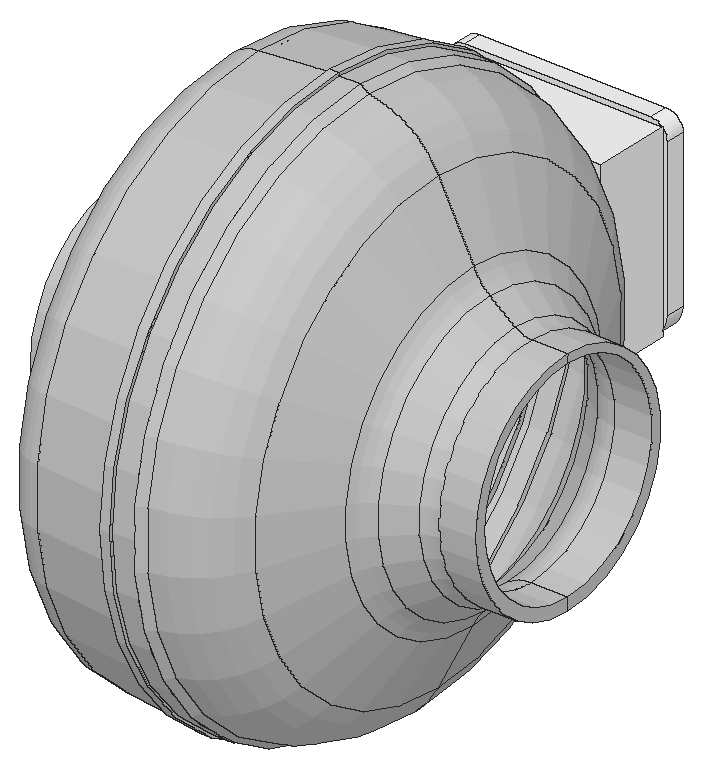
Revit family "CK 100 A AC_7000030", category Mechanical Equipment, Revit 2014
Parameters (values of type "CK 100 A AC")
  Wiring diagram = "4040002"
  Weight = 2.60 kg
  Voltage range = "220-240 / 50/60 V/Hz"
  Voltage = 230 V
  Speed = "1730 rpm"
  Sound pressure level at 3 m = "36 dB(A)"
  Power = 41 W
  Phase = 1
  Max. temperature of transported air when speed controlled = 60 °C
  Max. temperature of transported air = 60 °C
  Main Material = Steel, Galvanized
  Frequency = 50 Hz
  Elevation [instance] = 2721.5 mm
  Diameter = 99 mm
  Current = 0.18 A
  Capacitor = "3 μF"
Reference planes
  plane 1 "Center (Front/Back)": y = 0
  plane 2: z = 0
  plane 3 "Center (Left/Right)": x = 0
  plane 4: z = 2721.5
Dimensions and locks
  "Elevation": plane 4 to plane 2
  aligned and locked: level to plane 2
  aligned and locked: plane 4 to nested 1
  aligned and locked: plane 1 "Center (Front/Back)" to nested 2
  aligned and locked: plane 3 "Center (Left/Right)" to nested 2
Nested families
  nested 1: "CK 100 A AC_CK 100 C AC_CK 100 C EC_geometry" at (0, 0, 2600), type "CK 100 A AC_CK 100 C AC_CK 100 C EC_geometry"
  nested 2: "Flow direction symbol" at (0, 0, 0), type "Flow direction symbol"
Connectors
  hvac at (94, 0, 2721.5), driven by "Diameter"
    settings: on nested 1, index 1, duct flow 0.0 L/s, flow factor 0, pres drop 0.0 Pa, loss coef 0, conn angle 0.00°, conn width 304.8 mm, conn height 304.8 mm, conn diameter 99 mm, duct sys type 3, conn prof type 0, flow config 0, flow direction 2, loss method 0, conn ref index -1, conn util no, is conn primary yes, conn desc ""
  hvac at (-94, 0, 2721.5), driven by "Diameter"
    settings: on nested 1, index 2, duct flow 0.0 L/s, flow factor 0, pres drop 0.0 Pa, loss coef 0, conn angle 0.00°, conn width 304.8 mm, conn height 304.8 mm, conn diameter 99 mm, duct sys type 1, conn prof type 0, flow config 0, flow direction 1, loss method 0, conn ref index -1, conn util no, is conn primary no, conn desc ""
  electrical at (-31.645, 159.662, 2722.509), driven by "Phase", driven by "Voltage"
    settings: on nested 1, index 3, voltage 230 V, apparent load 0 VA, apparent load phase1 0 VA, apparent load phase2 0 VA, apparent load phase3 0 VA, power factor 1, load classification "Other", number of poles 1, system type 31, power factor state 1, is connector primary yes, connector utility no, sub classification motor no, connector description ""
Definition of nested family "CK 100 A AC_CK 100 C AC_CK 100 C EC_geometry"
  Parameters (values of type "CK 100 A AC_CK 100 C AC_CK 100 C EC_geometry")
    Main Material = Steel, Galvanized
  Reference planes
    plane 1 "Center (Front/Back)": y = 0
    plane 2: z = 0
    plane 3 "Center (Left/Right)": x = 0
    plane 4: z = 121.5
    plane 5: y = 159.662
    plane 6: y = 122.552
    plane 7: y = -120.448
    plane 8: x = -94
    plane 9: x = 94
    plane 10: z = 243
  Forms (mm)
    Revolve 1, solid, material "Steel, Galvanized" <- "Main Material", detail levels medium+fine
      sketch origin (0, 0, 0) x (1, 0, 0) y (0, 0, 1)
        loop
          line (94, 121.5) -> (-94, 121.5) -> (-94, 72) -> (-72.845, 71.999)
          arc (-72.845, 71.999) -> (-69.763, 70.722) -> (-68.486, 67.639) r 4.359
          line (-68.486, 67.639) -> (-68.486, 56.182)
          arc (-68.486, 56.182) -> (-67.971, 52.61) -> (-65.372, 50.105) r 5.56
          arc (-65.372, 50.105) -> (-59.752, 45.511) -> (-57.016, 38.787) r 14.704
          arc (-57.016, 38.787) -> (-55.036, 27.24) -> (-52.306, 15.847) r 179.266
          arc (-52.306, 15.847) -> (-46.573, 7.205) -> (-36.829, 3.657) r 16.589
          arc (-36.829, 3.657) -> (-21.85, 2.767) -> (-6.943, 1.042) r 268.553
          line (-6.943, 1.042) -> (-6.943, 0) -> (-2.855, 0) -> (-2.855, 1.082) -> (6.415, 1.082) -> (9.729, 3.579)
          arc (9.729, 3.579) -> (26.987, 10.308) -> (39.116, 24.309) r 38.554
          line (39.116, 24.309) -> (53.971, 53.463)
          arc (53.971, 53.463) -> (56.754, 58.275) -> (60.703, 62.187) r 20.985
          line (60.703, 62.187) -> (71.607, 70.439)
          arc (71.607, 70.439) -> (74.851, 72.152) -> (78.472, 72.744) r 11.376
          line (78.472, 72.744) -> (94, 72.744) -> (94, 121.5)
        axis (-94, 121.5) -> (94, 121.5)
      angle from 0 to 360
    Revolve 2, void
      sketch origin (0, 0, 0) x (1, 0, 0) y (0, 0, 1)
        loop
          line (94.162, 122.554) -> (-94, 122.554) -> (-94, 78.092) -> (-72.845, 78.092)
          arc (-72.845, 78.092) -> (-66.227, 75.351) -> (-63.486, 68.733) r 9.359
          line (-63.486, 68.733) -> (-63.486, 55.796)
          arc (-63.486, 55.796) -> (-55.804, 49.634) -> (-52.063, 40.525) r 19.704
          arc (-52.063, 40.525) -> (-50.138, 29.3) -> (-47.485, 18.225) r 174.266
          arc (-47.485, 18.225) -> (-43.48, 12.188) -> (-36.672, 9.708) r 11.589
          arc (-36.672, 9.708) -> (-21.773, 8.833) -> (-6.943, 7.147) r 273.553
          line (-6.943, 7.147) -> (-6.943, 5) -> (-2.855, 5) -> (-2.855, 6.511) -> (4.742, 6.511) -> (7.814, 8.826)
          arc (7.814, 8.826) -> (23.579, 14.459) -> (34.661, 27.008) r 33.554
          line (34.661, 27.008) -> (49.43, 55.995)
          arc (49.43, 55.995) -> (52.86, 61.842) -> (57.686, 66.603) r 25.985
          line (57.686, 66.603) -> (68.59, 74.855)
          arc (68.59, 74.855) -> (73.26, 77.322) -> (78.472, 78.174) r 16.376
          line (78.472, 78.174) -> (94.162, 78.174) -> (94.162, 122.554)
        axis (-94, 122.554) -> (94.162, 122.554)
      angle from 0 to 360
    Extrusion 3, solid, material "Plastic", detail levels medium+fine
      sketch origin (0, 0, 0) x (1, 0, 0) y (0, 0, 1)
        loop
          line (7.833, 163.259) -> (-71.124, 163.259)
          arc (-71.124, 163.259) -> (-76.073, 161.209) -> (-78.124, 156.259) r 7
          line (-78.124, 156.259) -> (-78.124, 90.259)
          arc (-78.124, 90.259) -> (-75.195, 83.188) -> (-68.124, 80.259) r 10
          line (-68.124, 80.259) -> (4.833, 80.259)
          arc (4.833, 80.259) -> (11.904, 83.188) -> (14.833, 90.259) r 10
          line (14.833, 90.259) -> (14.833, 156.259)
          arc (14.833, 156.259) -> (12.783, 161.209) -> (7.833, 163.259) r 7
      from -159.662 to -151.628
    Extrusion 4, solid, material "Plastic", detail levels medium+fine
      sketch origin (0, 0, 0) x (0, 1, 0) y (0, 0, 1)
        loop
          line (118.852, 161.259) -> (118.852, 81.741) -> (151.628, 81.741) -> (151.628, 161.259) -> (118.852, 161.259)
      from -76.1 to 12.8
    Revolve 5, solid, material "Steel, Galvanized" <- "Main Material", detail levels coarse
      sketch origin (0, 0, 0) x (1, 0, 0) y (0, 0, 1)
        loop
          line (-68.474, 72) -> (-51.56, 16.677)
          arc (-51.56, 16.677) -> (-48.673, 10.999) -> (-44.025, 6.643) r 18.428
          arc (-44.025, 6.643) -> (-10.637, 0.974) -> (22.751, 6.643) r 101.166
          arc (22.751, 6.643) -> (34.373, 16.472) -> (42.035, 29.624) r 44.82
          line (42.035, 29.624) -> (53.971, 53.463) -> (77.611, 71.933) -> (94, 71.933) -> (94, 121.5) -> (-94, 121.5) -> (-94, 72) -> (-68.474, 72)
        axis (-94, 121.5) -> (94, 121.5)
      angle from 0 to 360
  Cuts and joins
    Revolve 2 cuts Revolve 1
  Dimensions and locks
    aligned and locked: level to plane 2
    aligned and locked: cut or joined group of Revolve 1, Revolve 2 to plane 8
    aligned and locked: plane 9 to cut or joined group of Revolve 1, Revolve 2  (x2)
Definition of nested family "Flow direction symbol"
  Parameters (values of type "Flow direction symbol")
    Warning = "!"
    Text = "DIMENSIONS OVERCONSTRAINT"
  Reference planes
    plane 1: y = 0
    plane 2: x = 0
  Lines and regions (mm)
    detail lines
      curve 1: line (-0.506, 0.877, 0) -> (-0.506, -0.877, 0)
      curve 2: line (1.012, 0, 0) -> (-0.506, -0.877, 0)
      curve 3: line (-0.506, 0.877, 0) -> (1.012, 0, 0)
      curve 4: circle (0, 0, 0) r 1 normal (0, 0, 1)
